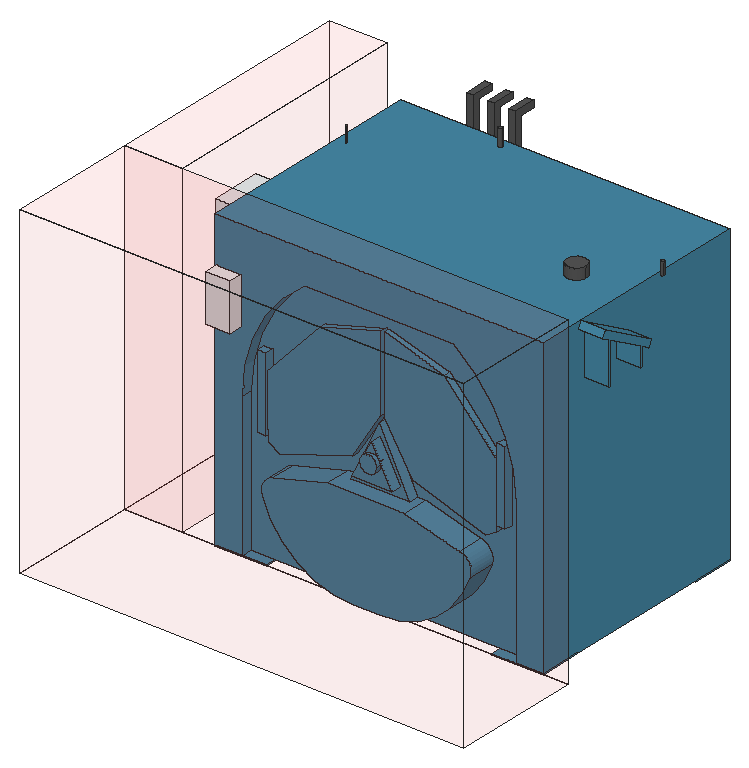
Revit family "Washer_Milnor_72044-WP2", category Mechanical Equipment, Revit 2024
Family settings
  Round Connector Dimension = Use Diameter
  Part Type = Normal
  OmniClass Number = 23.45.70.11.14.11
  OmniClass Title = Washing Machines
  Work Plane-Based = Yes
  Always vertical = No
  Cut with Voids When Loaded = No
  Maintain Annotation Orientation = No
  Shared = No
  Room Calculation Point = No
Parameters
  doorgas = 2' - 4 1/2"
  Warranty Duration (Years) = 0
  Voltage_MEP = 0 V
  Vibration Frequency = 0
  Unit Width = 9' - 11 3/4"
  Unit Weight = 0
  Unit Height = 8' - 5 1/4"
  Unit Depth = 7' - 0 1/2"
  URL = "http://www.milnor.com/"
  Specification = ""
  SpecWizard = ""
  Send Message = "http://www.arcat.com/users.pl?action=UserEmail&company=Pellerin+Milnor+Corp.&coid=34740&rep=108&fax=504-468-3094&mf="
  Sales Information = "http://www.milnor.com/contact_us.aspx"
  Revision = "R1_04-2011"
  Product Properties = ""
  Product Data = "http://www.arcat.com/arcatcos/cos34/arc34740.html"
  Phase = 0
  Number of Poles = 1
  Model = "As Specified"
  Manufacturer Website = "http://www.milnor.com/"
  Manufacturer Phone - Toll Free = "800-469-8780"
  Manufacturer Phone = "504-467-9591"
  Manufacturer Fax = "504-468-3094"
  Manufacturer Address = "700 Jackson St.   Kenner, LA 70062"
  Manufacturer = "Pellerin Milnor Corp"
  Maintenance Schedule (Months) = 0
  MEP Amperage = 0 A
  Keynote = "11110"
  Interior Finish [instance] = Metal - Stainless Steel - Milnor - as Specified
  Installation-Fabrication = ""
  Installation Phase = ""
  Green Building-LEED = ""
  Frequency = 0 Hz
  Expected Lifespan (Years) = 0
  Dynamic Load = 0.00 kip
  Drawn By = "Sumex Design, Inc. / Robert S. Weygant, CSI, CDT, SCIP"
  Door Opening Depth = 3' - 4 1/2"
  Door Opening Area = "as Specified"
  Door Glazing [instance] = Glazing - Milnor - as Specified
  Door Finish [instance] = Metal - Stainless Steel - Milnor - Powder Coat as Specified
  Clearance Visible [instance] = yes
  Cabinet Front Doodads [instance] = Metal - Stainless Steel - Milnor - Powder Coat as Specified
  Description = ""
  Default Elevation = 4' - 0"
  Cylinder Volume = 0.00 CF
  Cylinder Diameter = 3' - 6"
  Cylinder Depth = 3' - 8"
  Door Base from FF = 3' - 1"
  Copyright = "©Arcat Inc."
  Construction Details = ""
  Capacity = ""
  Cabinet Finish [instance] = Paint - Milnor - Blue
  Assembly Code = "E1010610"
Reference planes (in)
  plane 1 "Center (Front/Back)": y = 0
  plane 2 "Bottom": z = 0
  plane 3 "Center (Left/Right)": x = 0
  plane 4 "Front": y = -36
  plane 5 "Top": z = 101.25
  plane 6: y = -76.5
  plane 7: z = 45
  plane 8: y = 36
  plane 9: x = -51
  plane 10: x = 51
  plane 11: x = -16.75
  plane 12: x = -23.25
  plane 13: x = -29.75
  plane 14: y = 43.5
Forms (in)
  Extrusion 1, solid, material "Paint - Milnor - Blue" <- "Cabinet Finish"
    sketch origin (0, 0, 0) x (1, 0, 0) y (0, 1, 0)
      loop
        line (-51, 36) -> (-51, 23) -> (-35, 23) -> (-35, 36) -> (-51, 36)
      loop
        line (35, 36) -> (35, 23) -> (51, 23) -> (51, 36) -> (35, 36)
      loop
        line (-51, -36) -> (-35, -36) -> (-35, -23) -> (-51, -23) -> (-51, -36)
      loop
        line (35, -36) -> (51, -36) -> (51, -23) -> (35, -23) -> (35, -36)
    from 0 to 0.25
  Extrusion 2, solid, material "Paint - Milnor - Blue" <- "Cabinet Finish"
    sketch origin (0, 0, 0) x (1, 0, 0) y (0, 0, 1)
      loop
        line (-51, 0.25) -> (-42.5, 0.25) -> (-42.5, 44.5)
        arc (-42.5, 44.5) -> (-37.33458, 65.66318) -> (-23, 82.06687) r 45.93641
        line (-23, 82.06687) -> (0, 82.06687) -> (23, 82.06687)
        arc (23, 82.06687) -> (37.33458, 65.66318) -> (42.5, 44.5) r 45.93641
        line (42.5, 44.5) -> (42.5, 0.25) -> (51, 0.25) -> (51, 92.25) -> (-51, 92.25) -> (-51, 0.25)
    from -36 to 36
  Extrusion 3, solid, material "Paint - Milnor - Blue" <- "Cabinet Finish"
    sketch origin (0, 0, 0) x (1, 0, 0) y (0, 0, 1)
      loop
        line (42.5, 82.06687) -> (-42.5, 82.06687) -> (-42.5, 0.25) -> (42.5, 0.25) -> (42.5, 82.06687)
    from -36 to 32.65617
  Extrusion 4, solid, material "Paint - Milnor - Blue" <- "Cabinet Finish"
    sketch origin (0, -32.65617, 0) x (1, 0, 0) y (0, 0, 1)
      loop
        line (-38.35928, 58.55531) -> (-38.35928, 35.55531) -> (-35.85928, 35.55531) -> (-35.85928, 58.55531) -> (-38.35928, 58.55531)
      loop
        line (38.35928, 58.55531) -> (35.85928, 58.55531) -> (35.85928, 35.55531) -> (38.35928, 35.55531) -> (38.35928, 58.55531)
    from 0 to 2.4544
  Extrusion 5, solid, material "Paint - Milnor - Blue" <- "Cabinet Finish"
    sketch origin (0, -32.65617, 0) x (1, 0, 0) y (0, 0, 1)
      loop
        line (-35.85928, 53) -> (-35.85928, 37.1542) -> (-35.38585, 37.1542) -> (-35.38585, 33.6542) -> (-31.99366, 31.53452) -> (-9.40607, 38.87368) -> (0, 53.92653) -> (9.40607, 38.87368) -> (31.99366, 31.53452) -> (35.38585, 33.6542) -> (35.38585, 37.1542) -> (35.85928, 37.1542) -> (35.85928, 53) -> (19.2983, 71.39283) -> (0, 76.92653) -> (-19.2983, 71.39283) -> (-35.85928, 53)
    from 0 to 1.9716
  Extrusion 6, solid, material "Paint - Milnor - Blue" <- "Cabinet Finish"
    sketch origin (0, -32.65617, 0) x (1, 0, 0) y (0, 0, 1)
      loop
        line (0, 52) -> (-9.15338, 33.23278) -> (9.15338, 33.23278) -> (0, 52)
    from 0 to 2.96362
  Extrusion 7, solid, material "Paint - Milnor - Blue" <- "Cabinet Finish"
    sketch origin (0, -32.65617, 0) x (1, 0, 0) y (0, 0, 1)
      loop
        line (0, 48) -> (-6.2205, 36.30094) -> (6.2205, 36.30094) -> (0, 48)
    from 2.96362 to 6.27905
  Extrusion 8, solid, material "Paint - Milnor - Blue" <- "Cabinet Finish"
    sketch origin (0, -32.65617, 0) x (1, 0, 0) y (0, 0, 1)
      loop
        circle (0, 42.37955) r 2.63864
    from 5.18601 to 7.59383
  Extrusion 9, void
    sketch origin (0, -32.65617, 0) x (-1, 0, 0) y (0, 0, 1)
      loop
        line (0.5, 76.92653) -> (-0.5, 76.92653) -> (-0.5, 53.12636) -> (0.5, 53.12636) -> (0.5, 76.92653)
    from -1.9716 to 0
  Extrusion 10, solid, material "Metal - Stainless Steel - Milnor - Powder Coat as Specified" <- "Cabinet Front Doodads"
    sketch origin (0, -32.65617, 0) x (1, 0, 0) y (0, 0, 1)
      loop
        line (-51, 33.23278) -> (-51, 74.48278) -> (-61, 74.48278) -> (-61, 33.23278) -> (-51, 33.23278)
    from -49.65617 to -9.65617
  Extrusion 11, solid, material "Metal - Stainless Steel - Milnor - Powder Coat as Specified" <- "Cabinet Front Doodads"
    sketch origin (0, -32.65617, 0) x (1, 0, 0) y (0, 0, 1)
      loop
        line (-61, 74.98278) -> (-54, 74.98278) -> (-54, 87.23278) -> (-61, 87.23278) -> (-61, 74.98278)
    from -25.11795 to -9.65617
  Extrusion 12, solid, material "Metal - Stainless Steel - Milnor - Powder Coat as Specified" <- "Cabinet Front Doodads"
    sketch origin (0, -32.65617, 0) x (1, 0, 0) y (0, 0, 1)
      loop
        line (-58.07527, 82.91945) -> (-58.07527, 74.48278) -> (-51.57527, 74.48278) -> (-51.57527, 82.91945) -> (-58.07527, 82.91945)
    from -47.36353 to -26.6821
  Extrusion 13, solid, material "Metal - Stainless Steel - Milnor - Powder Coat as Specified" <- "Cabinet Front Doodads"
    sketch origin (0, -32.65617, 0) x (1, 0, 0) y (0, 0, 1)
      loop
        line (-50.41709, 78.19208) -> (-50.41709, 63.69208) -> (-42.91709, 63.69208) -> (-42.91709, 78.19208) -> (-50.41709, 78.19208)
    from 3.34383 to 7.59383
  Extrusion 14, solid, material "Paint - Milnor - Blue" <- "Cabinet Finish"
    sketch origin (0, 0, 0) x (0, 1, 0) y (0, 0, 1)
      loop
        line (-21.75, 92.25) -> (-22.875, 90.30144) -> (-20.27692, 88.80144) -> (-20.27692, 75.80144) -> (-20.02692, 75.80144) -> (-20.02692, 88.65711) -> (-8.02692, 81.7289) -> (-8.02692, 75.80144) -> (-7.77692, 75.80144) -> (-7.77692, 81.58456) -> (-5.12148, 80.05144) -> (-3.99648, 82) -> (-21.75, 92.25)
    from 51 to 58.75
  Extrusion 15, solid, material "Paint - Milnor - Black"
    sketch origin (0, 0, 0) x (1, 0, 0) y (0, 1, 0)
      loop
        circle (52.4375, 8.25) r 0.5
    from 92.27586 to 96
  Extrusion 16, solid, material "Paint - Milnor - Blue" <- "Cabinet Finish"
    sketch origin (0, -32.65617, 0) x (1, 0, 0) y (0, 0, 1)
      loop
        arc (-28.98842, 28.66351) -> (-31.93908, 26.3314) -> (-32.26914, 22.58491) r 4.75
        arc (-32.26914, 22.58491) -> (-21.43959, 7.79652) -> (-4, 2.1542) r 29.77278
        line (-4, 2.1542) -> (4, 2.1542)
        arc (4, 2.1542) -> (21.43959, 7.79652) -> (32.26914, 22.58491) r 29.77278
        arc (32.26914, 22.58491) -> (31.93908, 26.3314) -> (28.98842, 28.66351) r 4.75
        line (28.98842, 28.66351) -> (11.93565, 33.23278) -> (-11.93565, 33.23278) -> (-28.98842, 28.66351)
    from 0 to 8.34383
  Extrusion 17, solid, material "Paint - Milnor - Black"
    sketch origin (-16.75, 31.93357, 48) x (0, -1, 0) y (0, 0, 1)
      loop
        line (-4.56643, 53.25) -> (-11.56643, 53.25) -> (-11.56643, 51.25) -> (-6.56643, 51.25) -> (-6.56643, 20.06687) -> (-4.56643, 20.06687) -> (-4.56643, 53.25)
    from -1 to 1
  Extrusion 18, solid, material "Paint - Milnor - Black"
    sketch origin (-23.25, 31.93357, 48) x (0, -1, 0) y (0, 0, 1)
      loop
        line (-4.56643, 53.25) -> (-11.56643, 53.25) -> (-11.56643, 51.25) -> (-6.56643, 51.25) -> (-6.56643, 20.06687) -> (-4.56643, 20.06687) -> (-4.56643, 53.25)
    from -1 to 1
  Extrusion 19, solid, material "Paint - Milnor - Black"
    sketch origin (-29.75, 31.93357, 48) x (0, -1, 0) y (0, 0, 1)
      loop
        line (-4.56643, 53.25) -> (-11.56643, 53.25) -> (-11.56643, 51.25) -> (-6.56643, 51.25) -> (-6.56643, 20.06687) -> (-4.56643, 20.06687) -> (-4.56643, 53.25)
    from -1 to 1
  Extrusion 20, solid, material "Paint - Milnor - Blue" <- "Cabinet Finish"
    sketch origin (0, 0, 0) x (0, 1, 0) y (0, 0, 1)
      loop
        line (36, 25.62421) -> (38, 25.62421) -> (38, 61.62421) -> (36, 61.62421) -> (36, 25.62421)
    from -43.59721 to 44.33369
  Extrusion 21, solid, material "Paint - Milnor - Black"
    sketch origin (0, 0, 0) x (1, 0, 0) y (0, 1, 0)
      loop
        circle (-18, 33.5) r 0.625
      loop
        circle (-48, 11.25) r 0.125
    from 92.25 to 97.22725
  Extrusion 22, solid, material "Paint - Milnor - Black"
    sketch origin (0, 0, 0) x (1, 0, 0) y (0, 1, 0)
      loop
        circle (36, -4.5) r 3
    from 92.25 to 95.45104
  Extrusion 23, solid, material "Paint - Milnor - Black"
    sketch origin (0, 0, 0) x (1, 0, 0) y (0, 1, 0)
      loop
        circle (-36.5, -10.125) r 5
    from 1.5 to 12
  Extrusion 24, solid, material "ARCAT Clearance", visible <- "Clearance Visible"
    sketch origin (4.57869, -40.3125, 0) x (1, 0, 0) y (0, 1, 0)
      loop
        line (-83.57869, 4.3125) -> (-83.57869, -36.1875) -> (54.17131, -36.1875) -> (54.17131, 4.3125) -> (-83.57869, 4.3125)
    from 0 to 101.25
  Extrusion 25, solid, material "ARCAT Clearance", visible <- "Clearance Visible"
    sketch origin (-78.09966, -13.3586, 0) x (1, 0, 0) y (0, 1, 0)
      loop
        line (-0.90034, 56.8586) -> (-0.90034, -22.6414) -> (17.09966, -22.6414) -> (17.09966, 56.8586) -> (-0.90034, 56.8586)
    from 0 to 101.25
Cuts and joins
  Extrusion 9 cuts Extrusion 2
  Extrusion 9 cuts Extrusion 3
  joined: Extrusion 2, Extrusion 3
  Extrusion 9 cuts Extrusion 4
  Extrusion 9 cuts Extrusion 5
Dimensions and locks (in)
  "Unit Height": plane 5 "Top" to level
  "Door Opening Depth": plane 4 "Front" to plane 6
  equal spacing: plane 8, plane 1 "Center (Front/Back)", plane 4 "Front"
  equal spacing: plane 9, plane 3 "Center (Left/Right)", plane 10
  locked: plane 9 to plane 10 at 102
  locked: plane 8 to plane 4 "Front" at 72
Automatic sketch dimensions
  Extrusion 1 sketch curve to plane 8 = 0' - 0"  (x2)
  Extrusion 1 sketch curve to plane 9 = 0' - 0"  (x2)
  Extrusion 1 sketch curve to plane 4 "Front" = 0' - 0"
  plane 4 "Front" to Extrusion 1 sketch curve = 0' - 0"
  Extrusion 1 sketch curve to plane 10 = 0' - 0"  (x2)
  plane 13 to Extrusion 1 sketch curve = 0' - 5 1/4"  (x2)
  Extrusion 1 sketch curve to plane 10 = 1' - 4"  (x2)
  plane 4 "Front" to Extrusion 1 sketch curve = 1' - 1"  (x2)
  Extrusion 1 sketch curve to plane 8 = 1' - 1"
  Extrusion 1 sketch curve to Extrusion 1 sketch curve = 1' - 1"
  Extrusion 2 sketch curve to plane 9 = 0' - 0"
  Extrusion 2 sketch curve to plane 3 "Center (Left/Right)" = 0' - 0"
  Extrusion 2 sketch curve to plane 10 = 0' - 0"
  level to Extrusion 2 sketch curve = 0' - 0 1/4"  (x2)
  plane 9 to Extrusion 2 sketch curve = 0' - 8 1/2"
  Extrusion 2 sketch curve to plane 12 = 0' - 0 1/4"
  Extrusion 2 sketch curve to plane 7 = 0' - 0 1/2"  (x2)
  Extrusion 2 sketch curve to plane 3 "Center (Left/Right)" = 0' - 3.43641"
  plane 3 "Center (Left/Right)" to Extrusion 2 sketch curve = 0' - 3.43641"
  plane 3 "Center (Left/Right)" to Extrusion 2 sketch curve = 1' - 11"
  Extrusion 2 sketch curve to plane 5 "Top" = 0' - 9"
  plane 9 to Extrusion 3 sketch curve = 0' - 8 1/2"
  Extrusion 3 sketch curve to plane 10 = 0' - 8 1/2"
  level to Extrusion 3 sketch curve = 0' - 0 1/4"
  Extrusion 3 sketch curve to plane 5 "Top" = 1' - 7.18313"
  Extrusion 4 sketch curve to Extrusion 3 = 0' - 4.14072"
  Extrusion 4 sketch curve to Extrusion 4 sketch curve = 0' - 2 1/2"  (x2)
  Extrusion 4 sketch curve to Extrusion 3 = 0' - 6.64072"
  Extrusion 4 sketch curve to Extrusion 3 = 2' - 11.30531"  (x2)
  Extrusion 4 sketch curve to Extrusion 4 sketch curve = 1' - 11"  (x2)
  Extrusion 5 sketch curve to Extrusion 3 = 0' - 6.64072"  (x2)
  Extrusion 5 sketch curve to Extrusion 5 sketch curve = 0' - 0.47343"
  Extrusion 5 sketch curve to Extrusion 5 sketch curve = 0' - 3.39219"  (x2)
  Extrusion 5 sketch curve to Extrusion 3 = 0' - 10.67404"  (x2)
  Extrusion 5 sketch curve to Extrusion 3 = 1' - 11.2017"
  Extrusion 5 sketch curve to Extrusion 5 sketch curve = 1' - 10.58759"
  Extrusion 5 sketch curve to Extrusion 5 sketch curve = 0' - 9.40607"  (x2)
  Extrusion 5 sketch curve to Extrusion 3 = 0' - 5.14034"
  Extrusion 5 sketch curve to Extrusion 5 sketch curve = 1' - 7.2983"  (x2)
  Extrusion 5 sketch curve to Extrusion 3 = 0' - 10.50634"
  Extrusion 5 sketch curve to Extrusion 5 sketch curve = 1' - 11"
  Extrusion 5 sketch curve to Extrusion 5 sketch curve = 1' - 6.39283"  (x2)
  Extrusion 5 sketch curve to Extrusion 5 sketch curve = 1' - 3.05285"  (x2)
  Extrusion 5 sketch curve to Extrusion 5 sketch curve = 1' - 3.8458"  (x2)
  Extrusion 5 sketch curve to Extrusion 5 sketch curve = 0' - 3 1/2"  (x2)
  Extrusion 5 sketch curve to Extrusion 5 sketch curve = 0' - 2.11968"  (x2)
  Extrusion 6 sketch curve to Extrusion 3 = 2' - 9.34662"
  Extrusion 6 sketch curve to Extrusion 6 sketch curve = 0' - 9.15338"
  Extrusion 6 sketch curve to Extrusion 6 sketch curve = 1' - 6.30677"
  Extrusion 6 sketch curve to Extrusion 3 = 2' - 8.98278"
  Extrusion 6 sketch curve to Extrusion 6 sketch curve = 1' - 6.76722"
  Extrusion 7 sketch curve to Extrusion 3 = 3' - 0.2795"
  Extrusion 7 sketch curve to Extrusion 7 sketch curve = 0' - 6.2205"
  Extrusion 7 sketch curve to Extrusion 7 sketch curve = 1' - 0.441"
  Extrusion 7 sketch curve to Extrusion 3 = 3' - 0.05094"
  Extrusion 7 sketch curve to Extrusion 7 sketch curve = 0' - 11.69906"
  Extrusion 8 sketch curve to Extrusion 3 = 3' - 6 1/2"
  Extrusion 8 sketch curve to Extrusion 3 = 3' - 3.68733"
  Extrusion 3 to Extrusion 9 sketch curve = 0' - 5.14034"
  Extrusion 3 to Extrusion 9 sketch curve = 3' - 6"
  Extrusion 9 sketch curve to Extrusion 9 sketch curve = 0' - 1"
  Extrusion 9 sketch curve to Extrusion 9 sketch curve = 1' - 11.80017"
  Extrusion 3 to Extrusion 10 sketch curve = 1' - 6 1/2"
  Extrusion 3 to Extrusion 10 sketch curve = 0' - 8 1/2"
  Extrusion 10 sketch curve to Extrusion 3 = 2' - 8.98278"
  Extrusion 10 sketch curve to Extrusion 3 = 0' - 7.58409"
  Extrusion 3 to Extrusion 11 sketch curve = 0' - 5.16591"
  Extrusion 3 to Extrusion 11 sketch curve = 1' - 6 1/2"
  Extrusion 11 sketch curve to Extrusion 11 sketch curve = 0' - 7"
  Extrusion 11 sketch curve to Extrusion 3 = 0' - 7.08409"
  Extrusion 12 sketch curve to Extrusion 3 = 0' - 7.58409"
  Extrusion 3 to Extrusion 12 sketch curve = 1' - 3.57527"
  Extrusion 12 sketch curve to Extrusion 12 sketch curve = 0' - 6 1/2"
  Extrusion 3 to Extrusion 12 sketch curve = 0' - 0.85257"
  Extrusion 13 sketch curve to Extrusion 3 = 0' - 3.87479"
  Extrusion 3 to Extrusion 13 sketch curve = 0' - 7.91709"
  Extrusion 3 to Extrusion 13 sketch curve = 0' - 0.41709"
  Extrusion 13 sketch curve to Extrusion 13 sketch curve = 1' - 2 1/2"
  plane 4 "Front" to Extrusion 14 sketch curve = 1' - 1 1/8"
  Extrusion 14 sketch curve to plane 5 "Top" = 0' - 9"
  Extrusion 14 sketch curve to Extrusion 14 sketch curve = 0' - 1 1/8"  (x2)
  Extrusion 14 sketch curve to Extrusion 14 sketch curve = 0' - 2.59808"
  Extrusion 14 sketch curve to Extrusion 14 sketch curve = 0' - 0 1/4"  (x2)
  plane 1 "Center (Front/Back)" to Extrusion 14 sketch curve = 0' - 8.02692"
  Extrusion 14 sketch curve to Extrusion 14 sketch curve = 0' - 2.65544"
  Extrusion 14 sketch curve to Extrusion 14 sketch curve = 0' - 1.94856"
  Extrusion 14 sketch curve to Extrusion 14 sketch curve = 0' - 0.14434"  (x2)
  Extrusion 14 sketch curve to Extrusion 14 sketch curve = 0' - 4 1/4"
  Extrusion 14 sketch curve to Extrusion 14 sketch curve = 0' - 0"
  plane 10 to Extrusion 15 sketch curve = 0' - 1 7/16"
  Extrusion 15 sketch curve to plane 1 "Center (Front/Back)" = 0' - 8 1/4"
  Extrusion 16 sketch curve to Extrusion 3 = 0' - 10.23086"
  Extrusion 16 sketch curve to Extrusion 16 sketch curve = 0' - 0"  (x2)
  Extrusion 16 sketch curve to Extrusion 16 sketch curve = 0' - 3.28072"
  Extrusion 16 sketch curve to Extrusion 16 sketch curve = 0' - 1.22939"  (x2)
  Extrusion 16 sketch curve to Extrusion 16 sketch curve = 1' - 5.05277"
  Extrusion 16 sketch curve to Extrusion 3 = 0' - 1.9042"
  Extrusion 16 sketch curve to Extrusion 16 sketch curve = 0' - 7.93565"  (x2)
  Extrusion 16 sketch curve to Extrusion 16 sketch curve = 0' - 8"
  Extrusion 16 sketch curve to Extrusion 3 = 1' - 2.74097"
  Extrusion 16 sketch curve to Extrusion 16 sketch curve = 0' - 4.51011"
  Extrusion 16 sketch curve to Extrusion 3 = 1' - 10.33491"  (x2)
  Extrusion 16 sketch curve to Extrusion 16 sketch curve = 0' - 1.3058"
  Extrusion 17 sketch curve to plane 5 "Top" = 0' - 0"
  plane 8 to Extrusion 17 sketch curve = 0' - 7 1/2"
  plane 8 to Extrusion 17 sketch curve = 0' - 2 1/2"
  plane 8 to Extrusion 17 sketch curve = 0' - 0 1/2"
  Extrusion 17 sketch curve to Extrusion 17 sketch curve = 0' - 2"
  plane 7 to Extrusion 17 sketch curve = 1' - 11.06687"
  Extrusion 18 sketch curve to plane 5 "Top" = 0' - 0"
  plane 8 to Extrusion 18 sketch curve = 0' - 7 1/2"
  plane 8 to Extrusion 18 sketch curve = 0' - 2 1/2"
  plane 8 to Extrusion 18 sketch curve = 0' - 0 1/2"
  Extrusion 18 sketch curve to Extrusion 18 sketch curve = 0' - 2"
  plane 7 to Extrusion 18 sketch curve = 1' - 11.06687"
  Extrusion 19 sketch curve to plane 5 "Top" = 0' - 0"
  plane 8 to Extrusion 19 sketch curve = 0' - 7 1/2"
  plane 8 to Extrusion 19 sketch curve = 0' - 2 1/2"
  plane 8 to Extrusion 19 sketch curve = 0' - 0 1/2"
  Extrusion 19 sketch curve to Extrusion 19 sketch curve = 0' - 2"
  plane 7 to Extrusion 19 sketch curve = 1' - 11.06687"
  Extrusion 20 sketch curve to plane 8 = 0' - 0"
  plane 8 to Extrusion 20 sketch curve = 0' - 2"
  plane 7 to Extrusion 20 sketch curve = 1' - 4.62421"
  Extrusion 20 sketch curve to plane 7 = 1' - 7.37579"
  plane 11 to Extrusion 21 sketch curve = 0' - 1 1/4"
  Extrusion 21 sketch curve to plane 8 = 0' - 2 1/2"
  plane 9 to Extrusion 21 sketch curve = 0' - 3"
  Extrusion 21 sketch curve to plane 1 "Center (Front/Back)" = 0' - 11 1/4"
  plane 1 "Center (Front/Back)" to Extrusion 22 sketch curve = 0' - 4 1/2"
  Extrusion 22 sketch curve to plane 10 = 1' - 3"
  plane 1 "Center (Front/Back)" to Extrusion 23 sketch curve = 0' - 10 1/8"
  plane 13 to Extrusion 23 sketch curve = 0' - 6 3/4"
  Extrusion 24 sketch curve to plane 6 = 0' - 0"
  plane 11 to Extrusion 24 sketch curve = 5' - 2 1/4"
  plane 3 "Center (Left/Right)" to Extrusion 24 sketch curve = 4' - 10 3/4"
  plane 6 to Extrusion 24 sketch curve = 3' - 4 1/2"
  Extrusion 25 sketch curve to plane 4 "Front" = 0' - 0"
  Extrusion 25 sketch curve to plane 9 = 2' - 4"
  Extrusion 25 sketch curve to plane 9 = 0' - 10"
  plane 4 "Front" to Extrusion 25 sketch curve = 6' - 7 1/2"
  radius of Extrusion 8 sketch curve = 0' - 2.63864"
  radius of Extrusion 15 sketch curve = 0' - 0 1/2"
  radius of Extrusion 21 sketch curve = 0' - 0 5/8"
  radius of Extrusion 21 sketch curve = 0' - 0 1/8"
  radius of Extrusion 22 sketch curve = 0' - 3"
  radius of Extrusion 23 sketch curve = 0' - 5"
Connectors (in)
  piping at (52.4375, 8.25, 96), diameter 1
    settings: on Extrusion 15, index 1, connector inside diameter 1", connector length 0' - 0", flow factor 0, pipe flow 0 GPM, pressure drop 0.00 psi, fitting loss kfactor 0, connector angle 0.00°, fixture units 0, engagement length 0' - 0", angle of deflection 0.00°, flow configuration 0, flow direction 1, fitting loss method 0, system type 19, joint type 0, gender type 0, connector reference index -1, connector utility 0, adjustable connector no, is connector primary yes, connector description "DHW Inlet for Injector"
  piping at (-29.75, 43.5, 100.25), diameter 2
    settings: on Extrusion 19, index 2, connector inside diameter 2", connector length 0' - 0", flow factor 0, pipe flow 0 GPM, pressure drop 0.00 psi, fitting loss kfactor 0, connector angle 0.00°, fixture units 0, engagement length 0' - 0", angle of deflection 0.00°, flow configuration 0, flow direction 1, fitting loss method 0, system type 19, joint type 0, gender type 0, connector reference index -1, connector utility 0, adjustable connector no, is connector primary no, connector description "DHW Inlet"
  piping at (-23.25, 43.5, 100.25), diameter 2
    settings: on Extrusion 18, index 3, connector inside diameter 2", connector length 0' - 0", flow factor 0, pipe flow 0 GPM, pressure drop 0.00 psi, fitting loss kfactor 0, connector angle 0.00°, fixture units 0, engagement length 0' - 0", angle of deflection 0.00°, flow configuration 0, flow direction 1, fitting loss method 0, system type 20, joint type 0, gender type 0, connector reference index -1, connector utility 0, adjustable connector no, is connector primary no, connector description "DCW Inlet"
  piping at (-16.75, 43.5, 100.25), diameter 2
    settings: on Extrusion 17, index 4, connector inside diameter 2", connector length 0' - 0", flow factor 0, pipe flow 0 GPM, pressure drop 0.00 psi, fitting loss kfactor 0, connector angle 0.00°, fixture units 0, engagement length 0' - 0", angle of deflection 0.00°, flow configuration 0, flow direction 1, fitting loss method 0, system type 29, joint type 0, gender type 0, connector reference index -1, connector utility 0, adjustable connector no, is connector primary no, connector description "Third Water Inlet"
  piping at (-18, 33.5, 97.22725), diameter 1.25
    settings: on Extrusion 21, index 5, connector inside diameter 1 1/4", connector length 0' - 0", flow factor 0, pipe flow 0 GPM, pressure drop 0.00 psi, fitting loss kfactor 0, connector angle 0.00°, fixture units 0, engagement length 0' - 0", angle of deflection 0.00°, flow configuration 0, flow direction 1, fitting loss method 0, system type 29, joint type 0, gender type 0, connector reference index -1, connector utility 0, adjustable connector no, is connector primary no, connector description "Steam Inlet"
  piping at (-48, 11.25, 97.22725), diameter 0.25
    settings: on Extrusion 21, index 6, connector inside diameter 1/4", connector length 0' - 0", flow factor 0, pipe flow 0 GPM, pressure drop 0.00 psi, fitting loss kfactor 0, connector angle 0.00°, fixture units 0, engagement length 0' - 0", angle of deflection 0.00°, flow configuration 0, flow direction 1, fitting loss method 0, system type 29, joint type 0, gender type 0, connector reference index -1, connector utility 0, adjustable connector no, is connector primary no, connector description "Air Inlet"
  piping at (-36.5, -10.125, 1.5), diameter 10
    settings: on Extrusion 23, index 7, connector inside diameter 10", connector length 0' - 0", flow factor 0, pipe flow 0 GPM, pressure drop 0.00 psi, fitting loss kfactor 0, connector angle 0.00°, fixture units 0, engagement length 0' - 0", angle of deflection 0.00°, flow configuration 0, flow direction 2, fitting loss method 0, system type 29, joint type 0, gender type 0, connector reference index -1, connector utility 0, adjustable connector no, is connector primary no, connector description "Drain"
  electrical at (-56, 17, 53.85778)
    settings: on Extrusion 10, index 8, voltage 0 V, apparent load 0 VA, apparent load phase1 0 VA, apparent load phase2 0 VA, apparent load phase3 0 VA, power factor 1, load classification "Other", number of poles 1, system type 31, power factor state 1, is connector primary yes, connector utility no, sub classification motor no, connector description ""
